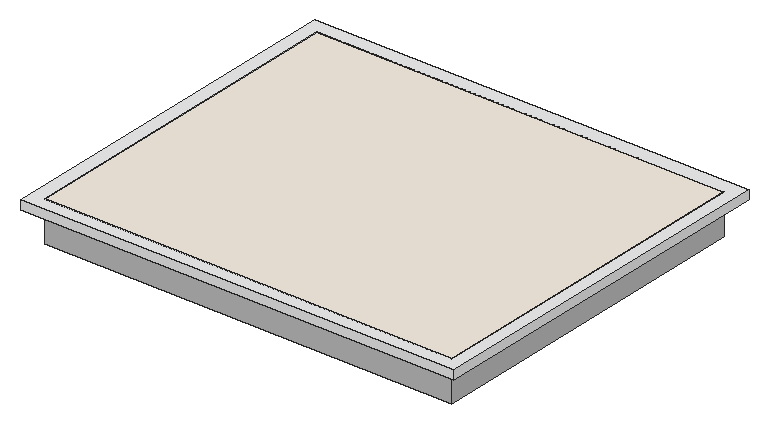
Revit family "Lighting-Industriale-GEWISS-ELIA-HL-LED_RIFLETTORE", category Apparecchi per illuminazione, host Superficie, Revit 2019 (continued)
Types (12, lengths in mm): name | Tensione | Scheda Tecnica | Potenza di sistema | Peso (kg): | Peso (kg) | Ottica | built-in parameter 1150142 | Lumen output (lm) | Modello | IDT | File diagramma fotometrico | Description
  GWF1001MH840 - ELIA HL M2 60° 4000K S.ALONE DALI | "220-240 V " | "https://www.gewiss.com/it/it/search?q=GWF1001MH840" | "120W" | "3,9" | "3,9" | "60°" | "IESNA:LM-63-1995\r\n[TEST] HB25-120-4080-60D-H00111\r\n[DATE] 27 Nov 2019\r\n[MANUFAC] GEWISS\r\n[LUMCAT] GWF1001MH840\r\n[LUMINAIRE] ELIA HL - M2 60° LED840 120W - DALI\r\n[FLASHAREA] 0.013851\r\n[LAMPCAT] LED 120W/16900lm\r\n[LAMP] LED 120W/16900lm\r\nTILT=NONE\r\n1 16900.00 1.0 181 37 1 2 -0.270 0.000 0.000\r\n1.00 1.00 120.00\r\n0.00 0.50 1.00 1.50 2.00 2.50 3.00 3.50 4.00 4.50 5.00 \r\n5.50 6.00 6.50 7.00 7.50 8.00 8.50 9.00 9.50 10.00 10.50 \r\n11.00 11.50 12.00 12.50 13.00 13.50 14.00 14.50 15.00 \r\n15.50 16.00 16.50 17.00 17.50 18.00 18.50 19.00 19.50 \r\n20.00 20.50 21.00 21.50 22.00 22.50 23.00 23.50 24.00 \r\n24.50 25.00 25.50 26.00 26.50 27.00 27.50 28.00 28.50 \r\n29.00 29.50 30.00 30.50 31.00 31.50 32.00 32.50 33.00 \r\n33.50 34.00 34.50 35.00 35.50 36.00 36.50 37.00 37.50 \r\n38.00 38.50 39.00 39.50 40.00 40.50 41.00 41.50 42.00 \r\n42.50 43.00 43.50 44.00 44.50 45.00 45.50 46.00 46.50 \r\n47.00 47.50 48.00 48.50 49.00 49.50 50.00 50.50 51.00 \r\n51.50 52.00 52.50 53.00 53.50 54.00 54.50 55.00 55.50 \r\n56.00 56.50 57.00 57.50 58.00 58.50 59.00 59.50 60.00 \r\n60.50 61.00 61.50 62.00 62.50 63.00 63.50 64.00 64.50 \r\n65.00 65.50 66.00 66.50 67.00 67.50 68.00 68.50 69.00 \r\n69.50 70.00 70.50 71.00 71.50 72.00 72.50 73.00 73.50 \r\n74.00 74.50 75.00 75.50 76.00 76.50 77.00 77.50 78.00 \r\n78.50 79.00 79.50 80.00 80.50 81.00 81.50 82.00 82.50 \r\n83.00 83.50 84.00 84.50 85.00 85.50 86.00 86.50 87.00 \r\n87.50 88.00 88.50 89.00 89.50 90.00 \r\n0.00 2.50 5.00 7.50 10.00 12.50 15.00 17.50 20.00 22.50 \r\n25.00 27.50 30.00 32.50 35.00 37.50 40.00 42.50 45.00 \r\n47.50 50.00 52.50 55.00 57.50 60.00 62.50 65.00 67.50 \r\n70.00 72.50 75.00 77.50 80.00 82.50 85.00 87.50 90.00 \r\n12448.54 12448.54 12443.47 12435.02 12421.50 12404.60 \r\n12387.70 12369.11 12347.14 12323.48 12298.13 12271.09 \r\n12240.67 12208.56 12171.38 12132.51 12088.57 12042.94 \r\n11995.62 11944.92 11892.53 11838.45 11780.99 11723.53 \r\n11664.38 11603.54 11541.01 11475.10 11407.50 11336.52 \r\n11262.16 11184.42 11103.30 11022.18 10939.37 10854.87 \r\n10768.68 10680.80 10591.23 10503.35 10412.09 10317.45 \r\n10217.74 10112.96 10003.11 9888.19 9768.20 9641.45 \r\n9513.01 9382.88 9249.37 9109.10 8965.45 8820.11 8668.01 \r\n8500.70 8323.25 8135.66 7943.00 7750.34 7555.99 7359.95 \r\n7165.60 6974.63 6790.42 6612.97 6440.59 6273.28 6109.35 \r\n5948.80 5788.25 5629.39 5470.53 5311.67 5156.19 5004.09 \r\n4855.37 4706.65 4561.31 4419.35 4282.46 4148.95 4020.51 \r\n3895.45 3773.77 3648.71 3523.65 3401.97 3285.36 3172.13 \r\n3062.28 2957.50 2856.10 2758.08 2660.06 2562.04 2465.71 \r\n2374.45 2286.57 2197.00 2112.50 2033.07 1958.71 1887.73 \r\n1818.44 1754.22 1691.69 1628.65 1566.80 1509.85 1455.26 \r\n1401.18 1348.28 1295.72 1244.68 1196.52 1150.21 1105.09 \r\n1062.16 1023.29 986.11 947.75 910.57 877.28 845.51 814.24 \r\n783.65 753.23 724.33 699.32 675.15 648.62 622.43 599.11 \r\n576.97 554.83 534.04 516.80 500.41 482.66 464.24 444.64 \r\n424.70 405.09 386.84 371.29 357.60 345.10 332.93 318.56 \r\n304.03 290.51 278.00 266.51 256.03 246.91 239.64 235.42 \r\n231.70 226.46 219.02 207.53 194.69 182.35 170.01 157.63 \r\n144.65 130.32 115.21 99.57 83.67 67.36 52.15 39.73 29.27 \r\n20.42 13.37 8.39 5.11 3.23 2.85 \r\n12448.54 12448.54 12443.47 12435.02 12422.34 12405.44 \r\n12387.70 12368.26 12347.98 12324.32 12298.13 12271.09 \r\n12240.67 12206.87 12170.53 12129.97 12086.88 12042.09 \r\n11993.93 11943.23 11892.53 11837.60 11781.83 11724.37 \r\n11666.91 11606.07 11541.85 11475.94 11408.34 11337.36 \r\n11263.00 11184.42 11104.14 11023.02 10940.22 10855.72 \r\n10769.52 10681.64 10592.92 10504.19 10412.93 10318.29 \r\n10219.43 10115.49 10005.64 9889.03 9768.20 9642.29 \r\n9513.01 9382.88 9249.37 9109.94 8967.14 8821.80 8668.85 \r\n8502.39 8324.94 8138.19 7946.38 7752.03 7558.52 7363.33 \r\n7171.51 6982.23 6798.02 6619.73 6448.19 6278.35 6113.57 \r\n5952.18 5791.63 5631.08 5472.22 5313.36 5156.19 5004.09 \r\n4854.52 4708.34 4563.85 4423.57 4286.68 4153.17 4023.89 \r\n3898.83 3776.30 3651.24 3527.03 3404.50 3285.36 3171.28 \r\n3060.59 2954.96 2851.87 2752.16 2654.99 2556.13 2459.80 \r\n2368.53 2279.81 2191.09 2106.59 2028.84 1954.48 1882.66 \r\n1815.06 1749.99 1687.63 1624.43 1563.08 1506.04 1451.37 \r\n1397.63 1344.90 1292.60 1241.64 1193.06 1146.24 1101.04 \r\n1058.11 1019.15 981.72 943.70 907.02 873.48 841.70 810.44 \r\n780.02 749.85 721.12 696.20 672.03 646.00 620.40 597.33 \r\n575.36 553.14 532.27 514.52 497.79 480.30 462.30 443.37 \r\n424.11 404.92 386.76 370.87 356.51 343.83 331.41 317.38 \r\n303.27 290.17 277.75 266.17 255.78 246.74 239.39 234.91 \r\n231.11 226.12 219.11 207.53 194.52 182.44 170.10 157.84 \r\n144.91 130.55 115.44 99.88 84.14 68.15 53.18 40.67 29.96 \r\n20.87 13.63 8.55 5.22 3.29 2.86 \r\n12448.54 12448.54 12443.47 12435.02 12422.34 12406.29 \r\n12387.70 12369.11 12347.98 12324.32 12298.13 12269.40 \r\n12239.82 12205.18 12168.00 12128.28 12085.19 12039.56 \r\n11991.39 11943.23 11890.84 11837.60 11782.68 11726.06 \r\n11666.91 11606.92 11542.70 11476.79 11409.19 11337.36 \r\n11263.00 11185.26 11104.14 11023.02 10939.37 10854.87 \r\n10768.68 10682.49 10593.76 10505.04 10413.78 10319.98 \r\n10221.12 10116.34 10006.49 9889.88 9769.04 9642.29 \r\n9513.01 9382.03 9248.52 9110.79 8967.98 8822.64 8669.70 \r\n8503.23 8326.63 8139.88 7947.22 7753.72 7558.52 7365.86 \r\n7175.74 6988.15 6804.78 6627.33 6454.11 6283.42 6116.95 \r\n5953.87 5794.16 5632.77 5472.22 5313.36 5156.19 5003.24 \r\n4854.52 4707.49 4564.69 4425.27 4288.38 4156.55 4027.27 \r\n3902.21 3778.84 3652.93 3527.03 3404.50 3284.51 3169.59 \r\n3058.05 2950.74 2846.80 2747.09 2648.23 2549.36 2453.03 \r\n2361.77 2273.05 2185.17 2101.51 2022.93 1949.41 1877.59 \r\n1809.99 1744.92 1682.31 1619.61 1558.77 1501.65 1446.72 \r\n1393.15 1340.85 1288.79 1238.09 1189.08 1141.85 1096.56 \r\n1053.80 1014.59 977.07 939.30 902.97 869.50 837.56 806.47 \r\n776.05 746.13 717.74 692.65 668.56 642.96 617.86 595.22 \r\n573.33 551.36 530.41 512.15 494.92 477.59 460.10 441.77 \r\n423.26 404.50 386.42 370.19 355.32 342.31 329.89 316.11 \r\n302.51 289.50 277.24 265.75 255.36 246.40 239.13 234.57 \r\n230.60 225.78 218.94 207.45 194.43 182.44 170.27 158.01 \r\n145.14 130.76 115.63 100.14 84.53 68.84 54.09 41.46 30.55 \r\n21.26 13.85 8.70 5.33 3.34 2.87 \r\n12448.54 12448.54 12443.47 12435.86 12423.19 12406.29 \r\n12388.54 12369.11 12347.14 12323.48 12297.28 12268.56 \r\n12238.13 12203.49 12165.47 12125.75 12083.50 12037.87 \r\n11990.55 11940.69 11890.84 11837.60 11782.68 11726.06 \r\n11667.76 11606.92 11544.39 11478.48 11409.19 11338.21 \r\n11263.00 11184.42 11104.14 11022.18 10939.37 10854.87 \r\n10769.52 10681.64 10593.76 10505.88 10414.63 10320.83 \r\n10221.97 10117.18 10006.49 9889.88 9768.20 9642.29 \r\n9513.01 9381.19 9247.68 9109.94 8967.98 8822.64 8670.54 \r\n8504.08 8326.63 8140.73 7948.07 7753.72 7559.37 7367.55 \r\n7179.12 6993.22 6809.85 6632.40 6459.18 6287.64 6119.49 \r\n5955.56 5794.16 5632.77 5472.22 5311.67 5154.50 5001.55 \r\n4853.68 4707.49 4565.53 4426.95 4290.91 4158.24 4029.80 \r\n3903.90 3779.68 3652.93 3527.03 3403.66 3282.82 3167.06 \r\n3054.67 2946.51 2841.73 2740.34 2640.63 2541.76 2444.59 \r\n2353.32 2265.45 2179.25 2095.60 2017.01 1942.65 1872.52 \r\n1804.07 1739.01 1676.40 1614.12 1553.70 1496.58 1441.57 \r\n1388.17 1336.11 1284.48 1233.87 1184.61 1137.03 1091.91 \r\n1049.24 1009.77 972.09 934.74 898.74 865.20 833.25 802.16 \r\n771.99 742.25 714.02 688.93 664.85 639.75 615.24 592.77 \r\n571.14 549.25 528.29 509.70 491.96 474.72 457.57 439.91 \r\n422.08 403.74 385.91 369.43 354.14 340.79 328.20 314.68 \r\n301.41 288.74 276.65 265.25 254.94 246.15 238.97 234.32 \r\n230.18 225.36 218.69 207.19 194.18 182.27 170.28 158.15 \r\n145.32 130.92 115.78 100.36 84.87 69.43 54.87 42.13 31.02 \r\n21.58 14.04 8.83 5.42 3.39 2.87 \r\n12448.54 12448.54 12443.47 12435.02 12423.19 12407.13 \r\n12388.54 12369.11 12347.98 12323.48 12295.59 12267.71 \r\n12236.44 12201.80 12163.77 12124.06 12081.81 12036.18 \r\n11988.86 11939.85 11888.31 11836.76 11782.68 11726.91 \r\n11668.60 11608.61 11544.39 11478.48 11409.19 11338.21 \r\n11263.00 11184.42 11103.30 11021.33 10939.37 10854.87 \r\n10769.52 10681.64 10593.76 10505.88 10414.63 10320.83 \r\n10222.81 10118.03 10006.49 9889.88 9768.20 9641.45 \r\n9511.32 9381.19 9247.68 9109.94 8968.83 8822.64 8669.70 \r\n8504.08 8327.47 8140.73 7948.91 7753.72 7559.37 7369.24 \r\n7182.50 6997.44 6815.77 6638.32 6462.56 6290.18 6121.18 \r\n5957.25 5794.16 5632.77 5471.37 5309.98 5151.97 4999.86 \r\n4851.99 4706.65 4565.53 4426.95 4292.60 4159.93 4030.65 \r\n3904.74 3779.68 3652.93 3526.18 3401.97 3281.13 3164.52 \r\n3050.45 2941.45 2835.82 2733.57 2633.02 2534.15 2436.98 \r\n2345.72 2258.68 2172.49 2089.68 2011.10 1937.59 1865.76 \r\n1798.16 1733.09 1670.06 1608.20 1548.29 1491.09 1435.91 \r\n1382.76 1330.96 1279.67 1229.31 1179.70 1132.05 1087.09 \r\n1044.50 1004.79 967.02 930.01 894.35 860.97 828.86 797.85 \r\n767.77 738.28 710.22 685.13 661.04 636.37 612.29 590.15 \r\n568.77 547.05 526.01 507.08 489.09 471.76 454.78 437.79 \r\n420.64 402.81 385.32 368.50 352.87 339.27 326.42 313.24 \r\n300.31 287.81 275.89 264.65 254.43 245.98 238.88 234.06 \r\n229.76 225.02 218.43 206.94 193.93 182.18 170.32 158.24 \r\n145.44 131.03 115.88 100.51 85.13 69.91 55.52 42.68 31.40 \r\n21.83 14.19 8.94 5.50 3.43 2.87 \r\n12448.54 12448.54 12443.47 12435.02 12423.19 12407.13 \r\n12389.39 12369.11 12347.14 12322.63 12295.59 12266.02 \r\n12234.75 12199.26 12161.24 12121.52 12079.27 12034.49 \r\n11988.01 11938.16 11888.31 11835.91 11782.68 11726.91 \r\n11669.45 11609.45 11545.23 11479.32 11410.03 11337.36 \r\n11262.16 11184.42 11103.30 11021.33 10937.68 10854.02 \r\n10768.68 10682.49 10593.76 10505.88 10414.63 10320.83 \r\n10223.66 10118.88 10006.49 9889.88 9767.35 9641.45 \r\n9511.32 9380.34 9246.83 9109.94 8968.83 8823.49 8669.70 \r\n8503.23 8326.63 8140.73 7948.07 7754.56 7560.22 7371.78 \r\n7185.03 7000.82 6819.99 6642.55 6466.78 6292.72 6122.02 \r\n5956.40 5793.32 5630.23 5468.84 5308.29 5149.43 4998.17 \r\n4850.30 4705.80 4564.69 4427.80 4292.60 4160.78 4031.49 \r\n3904.74 3778.84 3651.24 3525.34 3400.28 3278.60 3160.30 \r\n3046.22 2936.37 2830.75 2726.81 2626.26 2525.70 2430.22 \r\n2338.11 2251.92 2165.74 2082.92 2005.18 1931.67 1859.84 \r\n1791.40 1727.18 1663.47 1602.04 1542.55 1485.26 1429.91 \r\n1377.01 1325.55 1274.43 1224.32 1174.72 1126.81 1082.02 \r\n1039.77 999.89 961.95 925.19 889.95 856.49 824.38 793.45 \r\n763.54 734.22 706.42 681.15 657.07 632.74 609.24 587.36 \r\n566.15 544.69 523.82 504.46 486.13 468.72 451.91 435.43 \r\n418.95 401.71 384.56 367.57 351.60 337.75 324.82 311.80 \r\n299.21 286.96 275.22 263.98 253.92 245.64 238.88 233.81 \r\n229.25 224.52 218.01 206.52 193.59 181.93 170.27 158.28 \r\n145.52 131.09 115.94 100.62 85.33 70.29 56.04 43.11 31.68 \r\n22.02 14.32 9.03 5.57 3.47 2.87 \r\n12448.54 12448.54 12443.47 12435.02 12423.19 12407.98 \r\n12389.39 12369.11 12346.29 12321.79 12294.75 12265.17 \r\n12233.06 12197.57 12159.55 12119.83 12076.74 12032.80 \r\n11986.32 11937.31 11887.46 11835.91 11782.68 11727.75 \r\n11670.29 11609.45 11546.08 11480.17 11410.03 11338.21 \r\n11263.00 11184.42 11104.14 11021.33 10937.68 10854.02 \r\n10768.68 10682.49 10594.61 10506.73 10415.47 10321.67 \r\n10224.50 10118.88 10007.33 9889.88 9767.35 9640.60 \r\n9511.32 9379.50 9245.99 9110.79 8968.83 8823.49 8669.70 \r\n8502.39 8326.63 8140.73 7948.07 7754.56 7561.06 7372.62 \r\n7187.57 7005.05 6824.22 6645.92 6469.32 6294.40 6122.87 \r\n5955.56 5792.47 5629.39 5467.15 5306.60 5147.74 4995.64 \r\n4848.61 4704.96 4564.69 4426.95 4292.60 4160.78 4031.49 \r\n3903.90 3777.99 3649.55 3522.80 3397.74 3275.22 3156.07 \r\n3041.15 2931.30 2824.84 2720.05 2618.65 2518.95 2421.77 \r\n2330.51 2243.47 2158.13 2077.01 1999.27 1924.91 1853.93 \r\n1785.48 1719.57 1656.88 1595.78 1536.72 1479.26 1423.82 \r\n1371.10 1319.89 1269.11 1219.17 1169.56 1121.65 1077.12 \r\n1035.04 995.07 956.96 920.54 885.64 852.18 820.07 789.15 \r\n759.40 730.33 702.70 677.35 653.18 629.19 606.12 584.57 \r\n563.62 542.32 521.53 501.93 483.26 465.68 449.03 432.98 \r\n417.09 400.45 383.71 366.65 350.42 336.23 323.13 310.28 \r\n297.95 285.86 274.37 263.30 253.33 245.47 238.88 233.64 \r\n228.91 224.09 217.50 206.01 193.08 181.67 170.12 158.24 \r\n145.50 131.08 115.94 100.66 85.45 70.57 56.45 43.44 31.86 \r\n22.15 14.41 9.11 5.63 3.50 2.87 \r\n12448.54 12448.54 12443.47 12435.02 12423.19 12407.98 \r\n12388.54 12369.11 12346.29 12320.94 12293.90 12263.48 \r\n12231.37 12195.04 12157.01 12117.30 12075.89 12031.11 \r\n11984.63 11936.47 11886.61 11835.07 11782.68 11728.60 \r\n11670.29 11610.30 11547.77 11480.17 11410.03 11338.21 \r\n11263.00 11184.42 11104.14 11020.49 10936.83 10853.18 \r\n10768.68 10683.33 10595.45 10506.73 10416.31 10322.52 \r\n10224.50 10119.72 10006.49 9889.03 9767.35 9640.60 \r\n9510.47 9379.50 9245.99 9110.79 8970.52 8823.49 8669.70 \r\n8502.39 8326.63 8140.73 7948.91 7755.41 7562.75 7375.16 \r\n7190.10 7008.43 6827.60 6648.46 6471.85 6296.09 6122.87 \r\n5955.56 5791.63 5627.70 5464.61 5304.06 5146.05 4993.95 \r\n4846.92 4703.27 4563.00 4426.11 4291.75 4159.93 4030.65 \r\n3902.21 3775.46 3647.02 3519.42 3393.52 3271.84 3151.85 \r\n3036.09 2926.23 2818.92 2714.14 2611.89 2511.34 2414.16 \r\n2323.75 2236.71 2152.21 2070.25 1993.35 1918.15 1848.01 \r\n1779.57 1713.66 1650.28 1589.53 1530.80 1473.17 1417.57 \r\n1365.10 1314.23 1263.78 1214.01 1164.49 1116.58 1072.31 \r\n1030.56 990.42 952.15 915.98 881.42 847.96 815.85 785.09 \r\n755.35 726.53 698.90 673.46 649.30 625.72 603.08 581.78 \r\n561.00 540.04 519.34 499.48 480.55 462.89 446.08 430.53 \r\n415.15 399.18 382.70 365.63 349.15 334.79 321.52 308.85 \r\n296.76 284.85 273.53 262.54 252.74 245.22 238.88 233.56 \r\n228.49 223.50 216.83 205.50 192.66 181.34 170.03 158.12 \r\n145.40 131.01 115.90 100.66 85.49 70.77 56.75 43.66 31.97 \r\n22.22 14.48 9.17 5.68 3.53 2.87 \r\n12448.54 12448.54 12442.62 12435.02 12423.19 12407.13 \r\n12389.39 12368.26 12345.45 12320.10 12293.06 12262.64 \r\n12230.53 12193.35 12154.48 12115.61 12074.20 12029.42 \r\n11982.94 11935.62 11885.77 11835.07 11783.52 11728.60 \r\n11671.14 11611.14 11547.77 11480.17 11410.88 11338.21 \r\n11263.00 11185.26 11104.14 11021.33 10937.68 10853.18 \r\n10769.52 10683.33 10596.30 10507.57 10416.31 10323.36 \r\n10226.19 10120.56 10008.18 9890.72 9768.20 9641.45 \r\n9512.16 9381.19 9246.83 9111.63 8971.36 8825.18 8670.54 \r\n8503.23 8326.63 8140.73 7949.76 7757.10 7564.44 7377.69 \r\n7193.48 7010.97 6830.98 6651.84 6473.55 6296.94 6122.87 \r\n5955.56 5790.78 5626.01 5463.77 5301.53 5144.36 4992.26 \r\n4845.23 4701.58 4563.00 4425.27 4290.91 4158.24 4029.80 \r\n3900.52 3772.92 3643.64 3516.05 3390.98 3267.61 3147.62 \r\n3031.01 2920.32 2813.00 2708.22 2604.29 2504.58 2408.25 \r\n2316.14 2229.95 2146.30 2064.34 1987.44 1913.08 1842.10 \r\n1774.50 1707.74 1644.03 1583.53 1525.06 1467.34 1411.66 \r\n1359.27 1308.57 1258.37 1208.94 1159.51 1111.77 1067.74 \r\n1026.25 986.03 947.58 911.75 877.45 843.99 811.88 781.12 \r\n751.63 722.90 695.52 669.92 645.66 622.43 600.12 578.99 \r\n558.46 537.76 517.22 497.20 478.02 460.10 443.37 428.16 \r\n413.20 397.74 381.86 364.70 347.97 333.52 320.09 307.50 \r\n295.58 283.84 272.68 261.87 252.15 244.97 238.97 233.47 \r\n228.07 222.91 216.15 204.74 192.07 181.00 169.76 157.94 \r\n145.20 130.85 115.78 100.57 85.47 70.86 56.94 43.77 31.99 \r\n22.25 14.52 9.21 5.72 3.55 2.87 \r\n12448.54 12447.69 12442.62 12435.02 12423.19 12407.13 \r\n12389.39 12368.26 12346.29 12320.10 12292.22 12261.79 \r\n12227.99 12192.50 12153.63 12114.76 12072.51 12028.57 \r\n11982.94 11934.78 11884.92 11835.07 11783.52 11728.60 \r\n11671.98 11611.99 11547.77 11481.01 11410.88 11338.21 \r\n11263.00 11185.26 11104.99 11022.18 10937.68 10854.02 \r\n10769.52 10685.02 10597.14 10509.26 10418.00 10325.06 \r\n10227.03 10121.41 10009.02 9891.57 9769.04 9642.29 \r\n9513.01 9382.03 9249.37 9113.32 8973.90 8826.87 8671.39 \r\n8504.08 8327.47 8142.42 7951.45 7758.79 7567.82 7381.07 \r\n7196.86 7014.34 6834.36 6655.22 6476.08 6297.78 6123.72 \r\n5955.56 5789.94 5624.32 5461.23 5300.68 5143.52 4991.41 \r\n4844.38 4701.58 4561.31 4424.42 4289.22 4157.40 4027.27 \r\n3898.83 3769.55 3641.10 3512.66 3387.60 3263.39 3143.40 \r\n3025.95 2915.25 2807.93 2702.31 259
